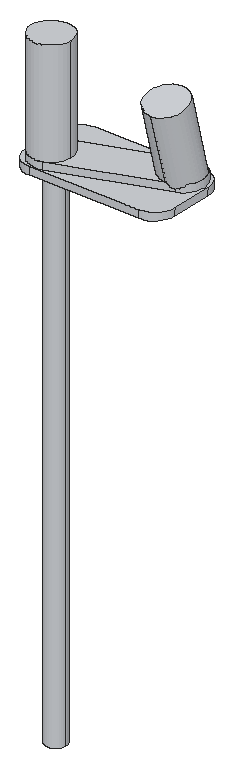
Revit family "Prier C-534", category Plumbing Fixtures, host Face, Revit 2012
Parameters (values of type "1/2" Inlet")
  Waste Connection = no
  Vent Connection = no
  URL = "http://www.prier.com/content/spec-sheets.html"
  Type Comments = if(Satin Nickel Plated, "Satin Nickel Plated", if(Rough Brass, "Rough Brass", "Custom"))  # "Satin Nickel Plated"
  Satin Nickel Plated = yes
  Rough Brass = no
  Model = "C-534"
  Manufacturer = "Prier"
  Inlet Radius = Inlet Size / 2  # 0' - 0 1/4"
  Inlet Size = 1/2"
  Hydrant Length [instance] = 1' - 0"
  HW Connection = no
  Default Elevation = 2' - 0"
  Custom = no
  Code Standards = "ASSE 1019, ASSE 1052, & CUPC"
  Code Listings = "ASSE. CUPC, & IAPMO"
  CW Connection = yes
Types (3): name | Inlet Radius | Inlet Size
  (no name) | 0' - 0 1/4" | 1/2"
  3/4" Inlet | 0' - 0 3/8" | 3/4"
  1/2" Inlet | 0' - 0 1/4" | 1/2"
Reference planes (in)
  plane 1 "Center (Front/Back)": y = 0
  plane 2: z = 0
  plane 3 "Center (Left/Right)": x = 0
  plane 4 "Hydrant Length": z = -12
  plane 5 "End of Threads": z = -12.875
  plane 6 "Hose Connection": through (0, 0.33794, 0.19684) normal (0, -0.2588, 0.9659)
Forms (in)
  Extrusion 1, solid
    sketch origin (0, 0, 0) x (1, 0, 0) y (0, 1, 0)
      loop
        arc (-1.375, 1.01562) -> (-1.72855, 0.86918) -> (-1.875, 0.51562) r 0.5
        line (-1.875, 0.51562) -> (-1.875, -0.51563)
        arc (-1.875, -0.51563) -> (-1.72855, -0.86918) -> (-1.375, -1.01563) r 0.5
        line (-1.375, -1.01563) -> (1.375, -1.01563)
        arc (1.375, -1.01563) -> (1.72855, -0.86918) -> (1.875, -0.51563) r 0.5
        line (1.875, -0.51563) -> (1.875, 0.51562)
        arc (1.875, 0.51562) -> (1.72855, 0.86918) -> (1.375, 1.01562) r 0.5
        line (1.375, 1.01562) -> (-1.375, 1.01562)
    from 0 to 0.187
  Extrusion 2, solid
    sketch origin (0, -0.5, -2.25) x (-1, 0, 0) y (0, -1, 0)
      loop
        circle (1.125, 0) r 0.25
    from 2.25 to -10.625
  Extrusion 3, solid
    sketch origin (0.75, 0.25, 0) x (1, 0, 0) y (0, 1, 0)
      loop
        arc (-2.18425, -0.2567) -> (-2.48309, -0.89756) -> (-1.84223, -1.19639) r 0.5
        line (-1.84223, -1.19639) -> (0.73304, -0.25907)
        arc (0.73304, -0.25907) -> (1.03188, 0.38178) -> (0.39102, 0.68062) r 0.5
        line (0.39102, 0.68062) -> (-2.18425, -0.2567)
    from 0.1875 to 0.375
  Extrusion 4, solid
    sketch origin (-0.00517, 1.03932, 0) x (1, 0, 0) y (0, 1, 0)
      loop
        circle (-1.25985, -1.51828) r 0.5
    from 0.375 to 3
Lines and regions (in)
  symbolic lines, style "PlumbingFixtures", detail levels fine
    curve 1: line (-1.375, 0, 0) -> (-1.375, 0, -12.875)
    curve 2: line (-1.375, 0, -12.875) -> (-0.875, 0, -12.875)
    curve 3: line (-0.875, 0, -12.875) -> (-0.875, 0, 0)
    curve 8: line (1.875, 0, 0) -> (1.875, 0, 0.375)
    curve 9: line (-1.875, 0, 0) -> (-1.875, 0, 0.375)
    curve 10: line (-1.875, 0, 0.375) -> (1.875, 0, 0.375)
    curve 11: line (-1.875, 0, 0) -> (1.875, 0, 0)
    curve 12: line (-0.75, 0, 0.375) -> (-0.75, 0, 3)
    curve 13: line (-1.75, 0, 0.375) -> (-1.75, 0, 3)
    curve 14: line (-1.75, 0, 3) -> (-0.75, 0, 3)
    curve 15: line (0.77579, 0, 0.375) -> (0.77579, 0, 2.28799)
    curve 16: line (1.77579, 0, 0.375) -> (1.77579, 0, 2.28799)
    curve 17: line (1.77579, 0, 2.28799) -> (0.77579, 0, 2.28799)
    curve 18: line (1.77579, 0, 2.24112) -> (0.77579, 0, 2.24112)
    curve 19: line (1.77579, 0, 2.19424) -> (0.77579, 0, 2.19424)
    curve 20: line (1.77579, 0, 2.14737) -> (0.77579, 0, 2.14737)
    curve 21: line (1.77579, 0, 2.10049) -> (0.77579, 0, 2.10049)
    curve 22: line (1.77579, 0, 2.05362) -> (0.77579, 0, 2.05362)
    curve 23: line (1.77579, 0, 2.00674) -> (0.77579, 0, 2.00674)
    curve 24: line (1.77579, 0, 1.95987) -> (0.77579, 0, 1.95987)
    curve 25: line (1.77579, 0, 1.91299) -> (0.77579, 0, 1.91299)
    curve 26: line (1.77579, 0, 1.86612) -> (0.77579, 0, 1.86612)
  symbolic lines, detail levels coarse+medium
    curve 4: line (-1.125, 0, 9.30462) -> (-1.125, 0, 0)
    curve 5: line (-3.375, 0, 6.6875) -> (1.125, 0, 6.6875)
    curve 7: line (-1.125, 0, -12.875) -> (-1.125, 0, 0)
  symbolic lines, not visible, detail levels coarse+medium
    curve 6: line (2.25, 6.90231, 0) -> (2.25, 2.40231, 0)
Dimensions and locks (in)
  locked: plane 4 "Hydrant Length" to plane 5 "End of Threads" at 0.875
  "Hydrant Length": plane 2 to plane 4 "Hydrant Length"
  "Inlet Radius": curve 3 to curve 7
  "Inlet Radius": curve 7 to curve 1
  "Inlet Radius": radius of Extrusion 2 sketch curve
  aligned and locked: plane 2 to host face
  aligned and locked: level to host face
  aligned and locked: Extrusion 1 to level
  aligned and locked: Extrusion 2 to plane 5 "End of Threads"
  aligned and locked: curve 2 to plane 5 "End of Threads"
  aligned and locked: plane 5 "End of Threads" to curve 7
  aligned and locked: plane 2 to Extrusion 2
  aligned and locked: plane 2 to curve 3
  aligned and locked: level to curve 8
  aligned and locked: curve 8 to Extrusion 1
  aligned and locked: curve 8 to Extrusion 3
  aligned and locked: curve 7 to curve 4
Automatic sketch dimensions
  curve 5 to curve 4 = 0' - 2 1/4"
  curve 4 to curve 5 = 0' - 2 1/4"
  curve 5 to curve 4 = 0' - 2.61712"
  curve 4 to curve 5 = 0' - 6 11/16"
  host sketch curve to host sketch curve = 0' - 7.38617"
  host sketch curve to host sketch curve = 0' - 6.70795"
  Extrusion 1 sketch curve to plane 1 "Center (Front/Back)" = 0' - 0 33/64"
  Extrusion 1 sketch curve to plane 3 "Center (Left/Right)" = 0' - 1 7/8"
  Extrusion 1 sketch curve to Extrusion 1 sketch curve = 0' - 0 1/2"  (x3)
  plane 3 "Center (Left/Right)" to Extrusion 1 sketch curve = 0' - 1 3/8"  (x2)
  plane 1 "Center (Front/Back)" to Extrusion 1 sketch curve = 0' - 0 33/64"
  Extrusion 2 sketch curve to plane 3 "Center (Left/Right)" = 0' - 1 1/8"
  Extrusion 3 sketch curve to plane 3 "Center (Left/Right)" = 0' - 1.09223"
  Extrusion 3 sketch curve to Extrusion 3 sketch curve = 0' - 0.17101"  (x4)
  plane 1 "Center (Front/Back)" to Extrusion 3 sketch curve = 0' - 0.0067"
  plane 3 "Center (Left/Right)" to Extrusion 3 sketch curve = 0' - 1.14102"
  plane 1 "Center (Front/Back)" to Extrusion 3 sketch curve = 0' - 0.00907"
  Extrusion 3 sketch curve to Extrusion 3 sketch curve = 0' - 0.46985"
  Extrusion 3 sketch curve to plane 1 "Center (Front/Back)" = 0' - 0.46077"
  plane 1 "Center (Front/Back)" to Extrusion 4 sketch curve = 0' - 0.47896"
  Extrusion 4 sketch curve to plane 3 "Center (Left/Right)" = 0' - 1.26502"
  curve 25 to curve 8 = 0' - 0.09921"
  plane 3 "Center (Left/Right)" to curve 26 = 0' - 0.77579"
  curve 3 to curve 12 = 0' - 0 1/8"
  curve 13 to curve 12 = 0' - 1"
  curve 9 to curve 13 = 0' - 0 1/8"
  curve 15 to curve 26 = 0' - 1.49112"
  curve 26 to curve 25 = 0' - 0 3/64"
  curve 25 to curve 24 = 0' - 0 3/64"
  curve 24 to curve 23 = 0' - 0 3/64"
  curve 23 to curve 22 = 0' - 0 3/64"
  curve 22 to curve 21 = 0' - 0 3/64"
  curve 21 to curve 20 = 0' - 0 3/64"
  curve 20 to curve 19 = 0' - 0 3/64"
  curve 19 to curve 18 = 0' - 0 3/64"
  curve 18 to curve 17 = 0' - 0 3/64"
  curve 15 to curve 14 = 0' - 0.71201"
  plane 1 "Center (Front/Back)" to Extrusion 2 sketch curve = 0' - 0 1/2"
  radius of Extrusion 4 sketch curve = 0' - 0 1/2"
Nested families (in)
  nested 1: "Hose Connection" at (1.27899, 0.47072, 0.23242) x (0, 0.9659, 0.2588) z (0, -0.2588, 0.9659), type "Hose Connection"
    with Outlet Size 1", Outlet Radius 0' - 0 1/2"
Connectors (in)
  piping at (-1.125, -0.5, -12.875), driven by "Inlet Radius"
    settings: on Extrusion 2, index 1, connector radius 1/4", flow factor 0, pipe flow 0 GPM, pressure drop 0.00 psi, fitting loss kfactor 0, connector angle 0.00°, fixture units 0, engagement length 0' - 0", flow configuration 0, flow direction 1, fitting loss method 0, system type 20, joint type 0, gender type 0, connector reference index -1, connector utility 0, adjustable connector no, is connector primary yes, fitting loss table "", connector description "Cold Water Inlet"
Definition of nested family "Hose Connection"
  Parameters (values of type "Hose Connection")
    Waste Connection = no
    Vent Connection = no
    URL = ""
    Type Comments = ""
    Outlet Size [instance] = 1"
    Outlet Radius [instance] = Outlet Size / 2  # 0' - 0 1/2"
    Model = ""
    Manufacturer = ""
    HW Connection = no
    Default Elevation = 4' - 0"
    CW Connection = yes
  Reference planes (in)
    plane 1 "Center (Front/Back)": y = 0
    plane 2: z = 0
    plane 3 "Center (Left/Right)": x = 0
    plane 4: z = 1.57812
    plane 5: z = 1.625
    plane 6: z = 1.67187
    plane 7: z = 1.71875
    plane 8: z = 1.76562
    plane 9: z = 1.8125
    plane 10: z = 1.85937
    plane 11: z = 1.90625
    plane 12: z = 1.95312
  Forms (in)
    Extrusion 1, solid
      sketch origin (0, 0, 0) x (1, 0, 0) y (0, 1, 0)
        loop
          line (-3.75, 3.25) -> (-3.75, -3.45795) -> (3.63617, -3.45795) -> (3.63617, 3.25) -> (-3.75, 3.25)
      from 0 to -2.72513
    Extrusion 2, solid
      sketch origin (-1.125, 0, 0) x (1, 0, 0) y (0, 1, 0)
        loop
          circle (1.125, 0) r 0.5
      from 0 to 2
  Lines and regions (in)
    model lines, detail levels fine
      curve 1: circle (0, 0, 1.57812) r 0.5 normal (0, 0, 1)
      curve 2: circle (0, 0, 1.625) r 0.5 normal (0, 0, 1)
      curve 3: circle (0, 0, 1.67187) r 0.5 normal (0, 0, 1)
      curve 4: circle (0, 0, 1.71875) r 0.5 normal (0, 0, 1)
      curve 5: circle (0, 0, 1.76562) r 0.5 normal (0, 0, 1)
      curve 6: circle (0, 0, 1.8125) r 0.5 normal (0, 0, 1)
      curve 7: circle (0, 0, 1.85937) r 0.5 normal (0, 0, 1)
      curve 8: circle (0, 0, 1.90625) r 0.5 normal (0, 0, 1)
      curve 9: circle (0, 0, 1.95312) r 0.5 normal (0, 0, 1)
    symbolic lines, style "PlumbingFixtures", detail levels fine
      curve 10: line (-0.5, 0, 0.375) -> (-0.5, 0, 2)
      curve 11: line (0.5, 0, 0.375) -> (0.5, 0, 2)
      curve 12: line (0.5, 0, 2) -> (-0.5, 0, 2)
    reference lines
      curve 13: line (0, 0, 2.13356) -> (0, 0, 2.28799)
  Dimensions and locks (in)
    "Outlet Radius": curve 11 to curve 13
    "Outlet Radius": curve 13 to curve 10
    "Outlet Radius": radius of Extrusion 2 sketch curve
    "Outlet Radius": radius of curve 1
    "Outlet Radius": radius of curve 2
    "Outlet Radius": radius of curve 3
    "Outlet Radius": radius of curve 4
    "Outlet Radius": radius of curve 5
    "Outlet Radius": radius of curve 6
    "Outlet Radius": radius of curve 7
    "Outlet Radius": radius of curve 8
    "Outlet Radius": radius of curve 9
    aligned and locked: plane 2 to Extrusion 1
    aligned and locked: level to Extrusion 1
    aligned and locked: Extrusion 2 to plane 2
  Automatic sketch dimensions
    Extrusion 1 sketch curve to Extrusion 1 sketch curve = 0' - 7.38617"
    Extrusion 1 sketch curve to Extrusion 1 sketch curve = 0' - 6.70795"
    plane 1 "Center (Front/Back)" to Extrusion 2 sketch curve = 0' - 0"
    plane 3 "Center (Left/Right)" to Extrusion 2 sketch curve = 0' - 0"
    plane 1 "Center (Front/Back)" to curve 1 = 0' - 0"
    plane 3 "Center (Left/Right)" to curve 1 = 0' - 0"
    plane 1 "Center (Front/Back)" to curve 2 = 0' - 0"
    plane 3 "Center (Left/Right)" to curve 2 = 0' - 0"
    plane 1 "Center (Front/Back)" to curve 3 = 0' - 0"
    plane 3 "Center (Left/Right)" to curve 3 = 0' - 0"
    plane 1 "Center (Front/Back)" to curve 4 = 0' - 0"
    plane 3 "Center (Left/Right)" to curve 4 = 0' - 0"
    plane 1 "Center (Front/Back)" to curve 5 = 0' - 0"
    plane 3 "Center (Left/Right)" to curve 5 = 0' - 0"
    plane 1 "Center (Front/Back)" to curve 6 = 0' - 0"
    plane 3 "Center (Left/Right)" to curve 6 = 0' - 0"
    plane 1 "Center (Front/Back)" to curve 7 = 0' - 0"
    plane 3 "Center (Left/Right)" to curve 7 = 0' - 0"
    plane 1 "Center (Front/Back)" to curve 8 = 0' - 0"
    plane 3 "Center (Left/Right)" to curve 8 = 0' - 0"
    plane 1 "Center (Front/Back)" to curve 9 = 0' - 0"
    plane 3 "Center (Left/Right)" to curve 9 = 0' - 0"
    plane 12 to curve 13 = 0' - 0.33487"
    curve 13 to curve 13 = 0' - 0.15443"
    plane 12 to curve 10 = 0' - 0 3/64"
    level to curve 10 = 0' - 0 3/8"
    level to curve 11 = 0' - 0 3/8"
    plane 3 "Center (Left/Right)" to curve 13 = 0' - 0"
